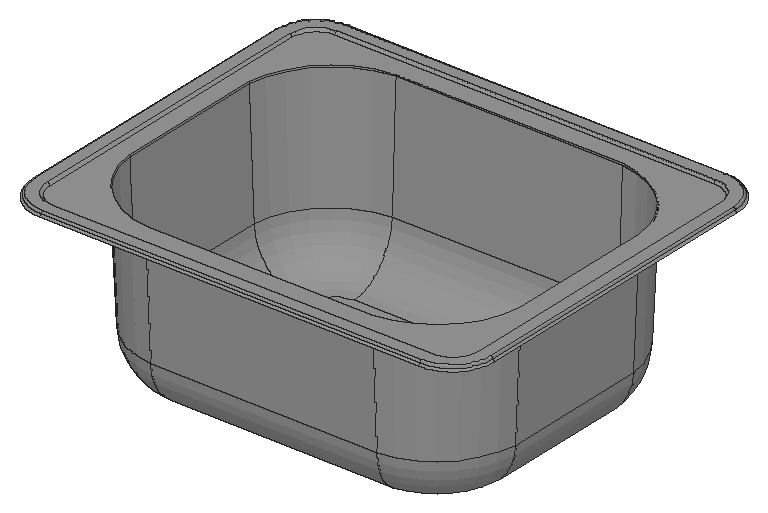
Revit family "Reece_Laundry Trough_Base_Inset Laundry Trough", category Plumbing Fixtures, host Face, Revit 2018
Family settings
  Host = Face
  Round Connector Dimension = Use Diameter
  Part Type = Normal
  Cut with Voids When Loaded = No
  Shared = Yes
  Room Calculation Point = Yes
Parameters (values of type "45 Litres_Stainless Steel")
  WFU = 0  # constant formula
  URL = "https://www.reece.com.au/product/-9504716"
  Type Comments = "Laundry Trough"
  Reece_Sink_Outlet = 40 mm  # constant formula
  Reece_Product_Web Page = "https://www.reece.com.au/product/-9504716"
  Reece_Product_Type = "Laundry Trough"
  Reece_Product_Sub Brand = "-"
  Reece_Product_Number = "9504716"
  Reece_Product_Mount = "Inset"
  Reece_Product_Description = "Base Inset Laundry Trough 1 Taphole & Bypass 45 litres Stainless Steel"
  Reece_Product_Brand = "Base"
  Reece_Overall_Width = 600 mm  # constant formula
  Reece_Overall_Length = 500 mm  # constant formula
  Reece_Overall_Height = 235 mm  # constant formula
  Reece_Overall_Capacity = 45.00 L  # constant formula
  Reece_Material_Secondary = Reece_Metal_Steel
  Reece_Material-Main = Reece_Metal_Steel
  Reece_Detail_Installation = ""
  Reece_Detail_Disclaimer = "THIS FILE IS THE PROPERTY OF THE REECE GROUP. IT MAY NOT BE REPRODUCED, REVERSE-ENGINEERED OR MODIFIED. ANY REPUBLICATION, TRANSMISSION OR DISTRIBUTION FOR THE PURPOSE OF COMMERCIALLY EXPLOITING THE FILES IS PROHIBITED."  # constant formula
  Reece_Detail_Connector = ""
  Reece_Detail_Additional = ""
  Model = "-"
  Manufacturer = "Base"
  Keynote = "Product #9504716, Reece_Laundry Trough_Base_Inset Laundry Trough - 45 Litres_Stainless Steel"
  HWFU = 0  # constant formula
  Disclaimer = "THIS FILE IS THE PROPERTY OF THE REECE GROUP. IT MAY NOT BE REPRODUCED, REVERSE-ENGINEERED OR MODIFIED. ANY REPUBLICATION, TRANSMISSION OR DISTRIBUTION FOR THE PURPOSE OF COMMERCIALLY EXPLOITING THE FILES IS PROHIBITED."  # constant formula
  Description = "Base Inset Laundry Trough 1 Taphole & Bypass 45 litres Stainless Steel"
  Default Elevation = 0 mm
  CWFU = 0  # constant formula
Types (2, lengths in mm): name | Keynote
  (no name) | "Product #9504716, Reece_Laundry Trough_Base_Inset Laundry Trough -  "
  45 Litres_Stainless Steel | "Product #9504716, Reece_Laundry Trough_Base_Inset Laundry Trough - 45 Litres_Stainless Steel"
Reference planes
  plane 1 "Center (Front/Back)": y = -79.125
  plane 2 "Top of surface": z = 0
  plane 3 "Center (Left/Right)": x = 0
  plane 4: y = 170.875
  plane 5: x = 300
  plane 6: x = -300
  plane 7: y = -329.125
  plane 8: z = 5
  plane 9 "Center L/U": z = -230
Forms (mm)
  Sweep 1, solid, material "Reece_Metal_Steel" <- "Reece_Material-Main"
    path origin (0, 0, 0) x (1, 0, 0) y (0, 1, 0)
      loop
        arc (-250, 170.875) -> (-285.355, 156.231) -> (-300, 120.875) r 50
        line (-300, 120.875) -> (-300, -279.125)
        arc (-300, -279.125) -> (-285.355, -314.48) -> (-250, -329.125) r 50
        line (-250, -329.125) -> (250, -329.125)
        arc (250, -329.125) -> (285.355, -314.48) -> (300, -279.125) r 50
        line (300, -279.125) -> (300, 120.875)
        arc (300, 120.875) -> (285.355, 156.231) -> (250, 170.875) r 50
        line (250, 170.875) -> (-250, 170.875)
    profile origin (-300, -79.125, 0) x (1, 0, 0) y (0, 0, 1)
      loop
        line (-5, 0) -> (18.5, 0) -> (28.5, 0) -> (28.5, 2) -> (18.5, 2) -> (15.5, 5) -> (0, 5)
        arc (0, 5) -> (-1.768, 4.268) -> (-2.5, 2.5) r 2.5
        arc (-2.5, 2.5) -> (-3.232, 0.732) -> (-5, 0) r 2.5
  Extrusion 2, void
    sketch origin (0, 0, 0) x (1, 0, 0) y (0, 1, 0)
      loop
        arc (-150.157, 132.151) -> (-226.82, 96.155) -> (-263.379, 19.76) r 126.007
        arc (-263.379, 19.76) -> (-268.507, -79.125) -> (-263.379, -178.01) r 956.007
        arc (-263.379, -178.01) -> (-226.82, -254.404) -> (-150.157, -290.4) r 126.007
        arc (-150.157, -290.4) -> (0, -297.632) -> (150.157, -290.4) r 1562.507
        arc (150.157, -290.4) -> (226.82, -254.404) -> (263.379, -178.01) r 126.007
        arc (263.379, -178.01) -> (268.507, -79.125) -> (263.379, 19.76) r 956.007
        arc (263.379, 19.76) -> (226.82, 96.155) -> (150.157, 132.151) r 126.007
        arc (150.157, 132.151) -> (0, 139.383) -> (-150.157, 132.151) r 1562.507
    from -266.642 to 0
  Revolve 3, solid, material "Reece_Metal_Steel" <- "Reece_Material-Main"
    sketch origin (0, -79.125, -51.084) x (1, 0, 0) y (0, 0, 1)
      loop
        line (18, -215.558) -> (20, -215.558) -> (20, -202.342)
        arc (20, -202.342) -> (33.772, -193.156) -> (45, -180.99) r 69.965
        line (45, -180.99) -> (42.511, -180.99)
        arc (42.511, -180.99) -> (31.445, -192.496) -> (18, -201.102) r 67.965
        line (18, -201.102) -> (18, -215.558)
      axis (0, -180.99) -> (0, -215.558)
    angle from 0 to 360
  Extrusion 4, void
    sketch origin (-50, 0, -13.43) x (1, 0, 0) y (0, 1, 0)
      loop
        arc (18.287, -77.625) -> (16.787, -79.125) -> (18.287, -80.625) r 1.5
        line (18.287, -80.625) -> (28.287, -80.625)
        arc (28.287, -80.625) -> (29.787, -79.125) -> (28.287, -77.625) r 1.5
        line (28.287, -77.625) -> (18.287, -77.625)
      loop
        arc (20.713, -66.869) -> (18.79, -67.765) -> (19.687, -69.688) r 1.5
        line (19.687, -69.688) -> (29.084, -73.108)
        arc (29.084, -73.108) -> (31.006, -72.212) -> (30.11, -70.289) r 1.5
        line (30.11, -70.289) -> (20.713, -66.869)
      loop
        arc (26.671, -57.591) -> (24.558, -57.776) -> (24.743, -59.889) r 1.5
        line (24.743, -59.889) -> (32.403, -66.317)
        arc (32.403, -66.317) -> (34.516, -66.132) -> (34.331, -64.019) r 1.5
        line (34.331, -64.019) -> (26.671, -57.591)
      loop
        arc (35.443, -50.911) -> (34.013, -50.528) -> (33.629, -51.958) r 1.047
        line (33.629, -51.958) -> (38.629, -60.618)
        arc (38.629, -60.618) -> (40.06, -61.001) -> (40.443, -59.571) r 1.047
        line (40.443, -59.571) -> (35.443, -50.911)
      loop
        arc (45.97, -47.633) -> (44.233, -46.417) -> (43.016, -48.154) r 1.5
        line (43.016, -48.154) -> (44.752, -58.002)
        arc (44.752, -58.002) -> (46.49, -59.219) -> (47.707, -57.481) r 1.5
        line (47.707, -57.481) -> (45.97, -47.633)
      loop
        line (81.713, -77.625) -> (71.713, -77.625)
        arc (71.713, -77.625) -> (70.213, -79.125) -> (71.713, -80.625) r 1.5
        line (71.713, -80.625) -> (81.713, -80.625)
        arc (81.713, -80.625) -> (83.213, -79.125) -> (81.713, -77.625) r 1.5
      loop
        line (79.287, -66.869) -> (69.89, -70.289)
        arc (69.89, -70.289) -> (68.994, -72.212) -> (70.916, -73.108) r 1.5
        line (70.916, -73.108) -> (80.313, -69.688)
        arc (80.313, -69.688) -> (81.21, -67.765) -> (79.287, -66.869) r 1.5
      loop
        line (73.329, -57.591) -> (65.669, -64.019)
        arc (65.669, -64.019) -> (65.484, -66.132) -> (67.597, -66.317) r 1.5
        line (67.597, -66.317) -> (75.257, -59.889)
        arc (75.257, -59.889) -> (75.442, -57.776) -> (73.329, -57.591) r 1.5
      loop
        line (64.557, -50.911) -> (59.557, -59.571)
        arc (59.557, -59.571) -> (60.106, -61.62) -> (62.155, -61.071) r 1.5
        line (62.155, -61.071) -> (67.155, -52.411)
        arc (67.155, -52.411) -> (66.606, -50.362) -> (64.557, -50.911) r 1.5
      loop
        line (54.03, -47.633) -> (52.293, -57.481)
        arc (52.293, -57.481) -> (53.51, -59.219) -> (55.248, -58.002) r 1.5
        line (55.248, -58.002) -> (56.984, -48.154)
        arc (56.984, -48.154) -> (55.767, -46.417) -> (54.03, -47.633) r 1.5
      loop
        line (20.713, -91.381) -> (30.11, -87.96)
        arc (30.11, -87.96) -> (31.006, -86.038) -> (29.084, -85.141) r 1.5
        line (29.084, -85.141) -> (19.687, -88.561)
        arc (19.687, -88.561) -> (18.79, -90.484) -> (20.713, -91.381) r 1.5
      loop
        line (26.671, -100.658) -> (34.331, -94.23)
        arc (34.331, -94.23) -> (34.516, -92.117) -> (32.403, -91.932) r 1.5
        line (32.403, -91.932) -> (24.743, -98.36)
        arc (24.743, -98.36) -> (24.558, -100.473) -> (26.671, -100.658) r 1.5
      loop
        line (35.443, -107.339) -> (40.443, -98.678)
        arc (40.443, -98.678) -> (39.894, -96.629) -> (37.845, -97.178) r 1.5
        line (37.845, -97.178) -> (32.845, -105.839)
        arc (32.845, -105.839) -> (33.394, -107.888) -> (35.443, -107.339) r 1.5
      loop
        line (45.97, -110.616) -> (47.707, -100.768)
        arc (47.707, -100.768) -> (46.49, -99.03) -> (44.752, -100.247) r 1.5
        line (44.752, -100.247) -> (43.016, -110.095)
        arc (43.016, -110.095) -> (44.233, -111.833) -> (45.97, -110.616) r 1.5
      loop
        arc (79.287, -91.381) -> (81.21, -90.484) -> (80.313, -88.561) r 1.5
        line (80.313, -88.561) -> (70.916, -85.141)
        arc (70.916, -85.141) -> (68.994, -86.038) -> (69.89, -87.96) r 1.5
        line (69.89, -87.96) -> (79.287, -91.381)
      loop
        arc (73.329, -100.658) -> (75.442, -100.473) -> (75.257, -98.36) r 1.5
        line (75.257, -98.36) -> (67.597, -91.932)
        arc (67.597, -91.932) -> (65.484, -92.117) -> (65.669, -94.23) r 1.5
        line (65.669, -94.23) -> (73.329, -100.658)
      loop
        arc (64.557, -107.339) -> (66.606, -107.888) -> (67.155, -105.839) r 1.5
        line (67.155, -105.839) -> (62.155, -97.178)
        arc (62.155, -97.178) -> (60.106, -96.629) -> (59.557, -98.678) r 1.5
        line (59.557, -98.678) -> (64.557, -107.339)
      loop
        arc (54.03, -110.616) -> (55.767, -111.833) -> (56.984, -110.095) r 1.5
        line (56.984, -110.095) -> (55.248, -100.247)
        arc (55.248, -100.247) -> (53.51, -99.03) -> (52.293, -100.768) r 1.5
        line (52.293, -100.768) -> (54.03, -110.616)
    from -242.072 to -216.57
  Revolve 5, solid, material "Reece_Metal_Steel" <- "Reece_Material_Secondary"
    sketch origin (0, -79.125, -55.413) x (1, 0, 0) y (0, 0, 1)
      loop
        line (0, -191.338) -> (16.998, -191.338)
        arc (16.998, -191.338) -> (28.197, -187.597) -> (34.898, -177.876) r 18.633
        line (34.898, -177.876) -> (36.003, -177.876) -> (36.003, -176.662) -> (47.722, -176.662) -> (50.998, -176.662) -> (50.998, -175.662) -> (35.604, -175.662)
        arc (35.604, -175.662) -> (35.179, -175.838) -> (35.003, -176.263) r 0.601
        line (35.003, -176.263) -> (35.003, -177.22)
        arc (35.003, -177.22) -> (34.5, -176.717) -> (33.998, -177.22) r 0.503
        arc (33.998, -177.22) -> (27.683, -186.565) -> (16.998, -190.172) r 17.633
        line (16.998, -190.172) -> (3.95, -190.172)
        arc (3.95, -190.172) -> (2.139, -183.549) -> (1.843, -176.689) r 30.745
        line (1.843, -176.689) -> (3.708, -176.689)
        arc (3.708, -176.689) -> (4.213, -176.254) -> (3.848, -175.696) r 0.506
        arc (3.848, -175.696) -> (1.942, -175.304) -> (0, -175.173) r 14.401
        line (0, -175.173) -> (0, -191.338)
      axis (0, -175.173) -> (0, -191.338)
    angle from 0 to 360
  Sweep 6, solid, material "Reece_Metal_Steel" <- "Reece_Material-Main"
    path origin (1448.036, 3.372, 0) x (1, 0, 0) y (0, 1, 0)
      loop
        arc (-1705.44, -180.76) -> (-1670.623, -253.513) -> (-1597.616, -287.793) r 120
        arc (-1597.616, -287.793) -> (-1448.036, -294.997) -> (-1298.456, -287.793) r 1556.5
        arc (-1298.456, -287.793) -> (-1225.448, -253.513) -> (-1190.631, -180.76) r 120
        arc (-1190.631, -180.76) -> (-1185.536, -82.497) -> (-1190.631, 15.767) r 950
        arc (-1190.631, 15.767) -> (-1225.448, 88.52) -> (-1298.456, 122.799) r 120
        arc (-1298.456, 122.799) -> (-1448.036, 130.003) -> (-1597.616, 122.799) r 1556.5
        arc (-1597.616, 122.799) -> (-1670.623, 88.52) -> (-1705.44, 15.767) r 120
        arc (-1705.44, 15.767) -> (-1710.536, -82.497) -> (-1705.44, -180.76) r 950
    profile origin (-262.5, -79.125, 0) x (-1, 0, 0) y (0, 0, 1)
      loop
        line (-76.485, -229) -> (-76.485, -230)
        arc (-76.485, -230) -> (-27.727, -210.421) -> (-6.051, -162.558) r 70.5
        line (-6.051, -162.558) -> (1.007, 0) -> (0.006, 0) -> (-7.05, -162.515)
        arc (-7.05, -162.515) -> (-28.419, -209.699) -> (-76.485, -229) r 69.5
  Extrusion 7, solid, material "Reece_Metal_Steel" <- "Reece_Material-Main"
    sketch origin (1413.789, 0, 0) x (1, 0, 0) y (0, 1, 0)
      loop
        arc (-1556.018, 50.041) -> (-1582.493, 37.61) -> (-1595.118, 11.228) r 43.515
        arc (-1595.118, 11.228) -> (-1599.804, -79.125) -> (-1595.118, -169.477) r 873.515
        arc (-1595.118, -169.477) -> (-1582.493, -195.859) -> (-1556.018, -208.29) r 43.515
        arc (-1556.018, -208.29) -> (-1413.789, -215.14) -> (-1271.559, -208.29) r 1480.015
        arc (-1271.559, -208.29) -> (-1245.084, -195.859) -> (-1232.459, -169.477) r 43.515
        arc (-1232.459, -169.477) -> (-1227.773, -79.125) -> (-1232.459, 11.228) r 873.515
        arc (-1232.459, 11.228) -> (-1245.084, 37.61) -> (-1271.559, 50.041) r 43.515
        arc (-1271.559, 50.041) -> (-1413.789, 56.891) -> (-1556.018, 50.041) r 1480.015
      loop
        circle (-1413.789, -79.125) r 60
    from -230 to -229
  Sweep 8, solid, material "Reece_Metal_Steel" <- "Reece_Material-Main"
    path in 3D
      loop
        arc (-60, -79.125, -229) -> (0, -139.125, -229) -> (60, -79.125, -229) r 60
        arc (60, -79.125, -229) -> (0, -19.125, -229) -> (-60, -79.125, -229) r 60
    profile origin (-60, -79.125, -229) x (1, 0, 0) y (0, 0, 1)
      loop
        line (0, 0) -> (0, -1) -> (15, -6.16) -> (15, -5.16) -> (0, 0)
  Extrusion 9, solid, material "Reece_Metal_Steel" <- "Reece_Material-Main"
    sketch origin (708.036, 3.378, 0) x (1, 0, 0) y (0, 1, 0)
      loop
        arc (-979.536, -282.503) -> (-973.239, -297.706) -> (-958.036, -304.003) r 21.5
        line (-958.036, -304.003) -> (-458.036, -304.003)
        arc (-458.036, -304.003) -> (-442.833, -297.706) -> (-436.536, -282.503) r 21.5
        line (-436.536, -282.503) -> (-436.536, 117.497)
        arc (-436.536, 117.497) -> (-442.833, 132.7) -> (-458.036, 138.997) r 21.5
        line (-458.036, 138.997) -> (-958.036, 138.997)
        arc (-958.036, 138.997) -> (-973.239, 132.7) -> (-979.536, 117.497) r 21.5
        line (-979.536, 117.497) -> (-979.536, -282.503)
      loop
        arc (-965.44, 15.761) -> (-970.536, -82.503) -> (-965.44, -180.767) r 950
        arc (-965.44, -180.767) -> (-930.623, -253.519) -> (-857.616, -287.799) r 120
        arc (-857.616, -287.799) -> (-708.036, -295.003) -> (-558.456, -287.799) r 1556.5
        arc (-558.456, -287.799) -> (-485.448, -253.519) -> (-450.631, -180.767) r 120
        arc (-450.631, -180.767) -> (-445.536, -82.503) -> (-450.631, 15.761) r 950
        arc (-450.631, 15.761) -> (-485.448, 88.513) -> (-558.456, 122.793) r 120
        arc (-558.456, 122.793) -> (-708.036, 129.997) -> (-857.616, 122.793) r 1556.5
        arc (-857.616, 122.793) -> (-930.623, 88.513) -> (-965.44, 15.761) r 120
    from 0 to 2
Cuts and joins
  Extrusion 4 cuts Revolve 5
  Extrusion 2 cuts Sweep 1
  joined: Sweep 1, Sweep 6, Extrusion 7, Sweep 8, Extrusion 9
Lines and regions (mm)
  model lines
    curve 1: arc (-270, 119.875, 2) -> (-249, 140.875, 2) -> (-228, 119.875, 2) r 21
    curve 2: arc (-228, 119.875, 2) -> (-249, 98.875, 2) -> (-270, 119.875, 2) r 21
    curve 3: arc (270, 119.875, 2) -> (249, 140.875, 2) -> (228, 119.875, 2) r 21
    curve 4: arc (228, 119.875, 2) -> (249, 98.875, 2) -> (270, 119.875, 2) r 21
  sketch lines
    curve 5: arc (60, -79.125, -229) -> (0, -19.125, -229) -> (-60, -79.125, -229) r 60
    curve 6: arc (-60, -79.125, -229) -> (0, -139.125, -229) -> (60, -79.125, -229) r 60
Text (mm)
  text "Reece Copyright © 2018, Reece Ltd." at (-902.343, -740.328, 0), in view "Ref. Level"
  text "Reece ©" at (55.762, 247.572, 169.589), in view "Reece Preview"
Dimensions and locks
  equal spacing: plane 6, plane 3 "Center (Left/Right)", plane 5
  "Reece_Overall_Width": plane 6 to plane 5
  "Reece_Overall_Length": plane 4 to plane 7
  equal spacing: plane 4, plane 1 "Center (Front/Back)", plane 7
  "Reece_Overall_Height": plane 8 to plane 9 "Center L/U"
  aligned and locked: plane 2 "Top of surface" to host face
  aligned and locked: level to host face
  aligned and locked: plane 6 to Sweep 1 sketch curve
  aligned and locked: Sweep 1 sketch curve to plane 4
  aligned and locked: Sweep 1 sketch curve to plane 5
  aligned and locked: Sweep 1 sketch curve to plane 7
  aligned and locked: Extrusion 2 to Revolve 3
  aligned and locked: Extrusion 7 to plane 9 "Center L/U"
Automatic sketch dimensions
  host sketch curve to host sketch curve = 801.051 mm
  host sketch curve to host sketch curve = 660.299 mm
  Sweep 1 sketch curve to plane 6 = 50 mm  (x2)
  Sweep 1 sketch curve to plane 4 = 50 mm
  Sweep 1 sketch curve to plane 5 = 50 mm
  Sweep 1 sketch curve to level = 0 mm
  profile plane to Sweep 1 sketch curve = 0 mm
  Sweep 1 sketch curve to Sweep 1 sketch curve = 15.5 mm
  level to Sweep 1 sketch curve = 2 mm
  Sweep 1 sketch curve to Sweep 1 sketch curve = 3 mm
  Sweep 1 sketch curve to Sweep 1 sketch curve = 0 mm  (x2)
  Sweep 1 sketch curve to Sweep 1 sketch curve = 10 mm
  profile plane to Sweep 1 sketch curve = 5 mm
  Sweep 1 sketch curve to Sweep 1 sketch curve = 2.5 mm
  Extrusion 4 sketch curve to plane 1 "Center (Front/Back)" = 1.5 mm
  Extrusion 4 sketch curve to plane 5 = 331.713 mm
  Extrusion 4 sketch curve to plane 1 "Center (Front/Back)" = 9.437 mm  (x2)
  Extrusion 4 sketch curve to Extrusion 4 sketch curve = 1.399 mm  (x3)
  plane 1 "Center (Front/Back)" to Extrusion 4 sketch curve = 9.437 mm  (x2)
  Extrusion 4 sketch curve to Extrusion 4 sketch curve = 0.513 mm  (x16)
  plane 1 "Center (Front/Back)" to Extrusion 4 sketch curve = 12.256 mm  (x2)
  Extrusion 4 sketch curve to plane 1 "Center (Front/Back)" = 12.256 mm  (x2)
  plane 1 "Center (Front/Back)" to Extrusion 4 sketch curve = 19.235 mm  (x2)
  Extrusion 4 sketch curve to Extrusion 4 sketch curve = 4.03 mm  (x4)
  Extrusion 4 sketch curve to plane 1 "Center (Front/Back)" = 19.235 mm  (x2)
  Extrusion 4 sketch curve to Extrusion 4 sketch curve = 0.964 mm  (x16)
  Extrusion 4 sketch curve to plane 1 "Center (Front/Back)" = 21.534 mm  (x2)
  plane 1 "Center (Front/Back)" to Extrusion 4 sketch curve = 21.534 mm  (x2)
  Extrusion 4 sketch curve to Extrusion 4 sketch curve = 10 mm
  Extrusion 4 sketch curve to plane 1 "Center (Front/Back)" = 6.017 mm  (x2)
  Extrusion 4 sketch curve to Extrusion 4 sketch curve = 0.796 mm  (x3)
  plane 1 "Center (Front/Back)" to Extrusion 4 sketch curve = 6.017 mm  (x2)
  Extrusion 4 sketch curve to plane 1 "Center (Front/Back)" = 8.836 mm  (x2)
  plane 1 "Center (Front/Back)" to Extrusion 4 sketch curve = 8.836 mm  (x2)
  plane 1 "Center (Front/Back)" to Extrusion 4 sketch curve = 12.808 mm  (x2)
  Extrusion 4 sketch curve to Extrusion 4 sketch curve = 2.293 mm  (x4)
  Extrusion 4 sketch curve to plane 1 "Center (Front/Back)" = 12.808 mm  (x2)
  plane 1 "Center (Front/Back)" to Extrusion 4 sketch curve = 26.714 mm  (x2)
  Extrusion 4 sketch curve to Extrusion 4 sketch curve = 6.174 mm  (x3)
  Extrusion 4 sketch curve to plane 1 "Center (Front/Back)" = 27.167 mm
  Extrusion 4 sketch curve to Extrusion 4 sketch curve = 6.958 mm
  Extrusion 4 sketch curve to Extrusion 4 sketch curve = 1.299 mm  (x12)
  Extrusion 4 sketch curve to Extrusion 4 sketch curve = 0.907 mm  (x4)
  plane 1 "Center (Front/Back)" to Extrusion 4 sketch curve = 15.106 mm  (x2)
  Extrusion 4 sketch curve to plane 1 "Center (Front/Back)" = 15.106 mm  (x2)
  Extrusion 4 sketch curve to plane 1 "Center (Front/Back)" = 28.214 mm  (x2)
  plane 1 "Center (Front/Back)" to Extrusion 4 sketch curve = 28.214 mm  (x2)
  plane 1 "Center (Front/Back)" to Extrusion 4 sketch curve = 18.054 mm  (x2)
  Extrusion 4 sketch curve to Extrusion 4 sketch curve = 3.513 mm  (x3)
  Extrusion 4 sketch curve to plane 1 "Center (Front/Back)" = 18.507 mm
  Extrusion 4 sketch curve to Extrusion 4 sketch curve = 4.298 mm
  Extrusion 4 sketch curve to plane 1 "Center (Front/Back)" = 19.554 mm  (x2)
  plane 1 "Center (Front/Back)" to Extrusion 4 sketch curve = 19.554 mm  (x2)
  Extrusion 4 sketch curve to plane 1 "Center (Front/Back)" = 30.97 mm  (x2)
  Extrusion 4 sketch curve to Extrusion 4 sketch curve = 7.573 mm  (x4)
  plane 1 "Center (Front/Back)" to Extrusion 4 sketch curve = 30.97 mm  (x2)
  Extrusion 4 sketch curve to Extrusion 4 sketch curve = 1.477 mm  (x16)
  plane 1 "Center (Front/Back)" to Extrusion 4 sketch curve = 21.122 mm  (x2)
  Extrusion 4 sketch curve to Extrusion 4 sketch curve = 4.31 mm  (x4)
  Extrusion 4 sketch curve to plane 1 "Center (Front/Back)" = 21.122 mm  (x2)
  plane 1 "Center (Front/Back)" to Extrusion 4 sketch curve = 31.491 mm  (x2)
  Extrusion 4 sketch curve to plane 1 "Center (Front/Back)" = 31.491 mm  (x2)
  Extrusion 4 sketch curve to plane 1 "Center (Front/Back)" = 21.643 mm  (x2)
  plane 1 "Center (Front/Back)" to Extrusion 4 sketch curve = 21.643 mm  (x2)
  Extrusion 4 sketch curve to Extrusion 4 sketch curve = 4.586 mm  (x2)
  Extrusion 4 sketch curve to Extrusion 4 sketch curve = 8.059 mm  (x2)
  Extrusion 4 sketch curve to plane 1 "Center (Front/Back)" = 18.054 mm
  Extrusion 4 sketch curve to plane 1 "Center (Front/Back)" = 26.714 mm
  Extrusion 4 sketch curve to Extrusion 4 sketch curve = 7.937 mm
  Extrusion 4 sketch curve to Extrusion 4 sketch curve = 3 mm
  Extrusion 4 sketch curve to Extrusion 4 sketch curve = 1.5 mm
  Revolve 3 sketch curve to Revolve 3 sketch curve = 0 mm  (x2)
  Revolve 3 sketch curve to plane 3 "Center (Left/Right)" = 11.666 mm
  plane 3 "Center (Left/Right)" to Revolve 3 sketch curve = 18 mm
  Revolve 3 sketch curve to Revolve 3 sketch curve = 2 mm
  Revolve 3 sketch curve to plane 9 "Center L/U" = 2.074 mm
  Revolve 3 sketch curve to Revolve 3 sketch curve = 22.511 mm
  Revolve 3 sketch curve to Revolve 3 sketch curve = 2.489 mm
  Revolve 3 sketch curve to plane 9 "Center L/U" = 22.186 mm
  Revolve 3 sketch curve to Revolve 3 sketch curve = 13.216 mm
  Revolve 3 sketch curve to plane 3 "Center (Left/Right)" = 0 mm
  Revolve 3 sketch curve to plane 9 "Center L/U" = 5.084 mm
  plane 9 "Center L/U" to Revolve 3 sketch curve = 5.907 mm
  Revolve 5 sketch curve to plane 3 "Center (Left/Right)" = 0 mm  (x2)
  plane 3 "Center (Left/Right)" to Revolve 5 sketch curve = 1.843 mm
  Revolve 5 sketch curve to Revolve 5 sketch curve = 1.865 mm
  Revolve 5 sketch curve to Revolve 5 sketch curve = 0.005 mm
  plane 3 "Center (Left/Right)" to Revolve 5 sketch curve = 3.95 mm
  plane 9 "Center L/U" to Revolve 5 sketch curve = 2.048 mm
  Revolve 5 sketch curve to Revolve 5 sketch curve = 13.285 mm
  Revolve 5 sketch curve to Revolve 5 sketch curve = 0 mm
  Revolve 5 sketch curve to plane 9 "Center L/U" = 4.214 mm
  Revolve 5 sketch curve to Revolve 5 sketch curve = 15.518 mm
  Revolve 5 sketch curve to Revolve 5 sketch curve = 1.985 mm
  Revolve 5 sketch curve to Revolve 5 sketch curve = 0.398 mm
  Revolve 5 sketch curve to Revolve 5 sketch curve = 0.503 mm
  Revolve 5 sketch curve to Revolve 5 sketch curve = 0.601 mm
  Revolve 5 sketch curve to Revolve 5 sketch curve = 1.104 mm
  Revolve 5 sketch curve to plane 9 "Center L/U" = 2.074 mm
  Revolve 5 sketch curve to Revolve 5 sketch curve = 11.719 mm
  Revolve 5 sketch curve to plane 9 "Center L/U" = 1.074 mm
  Revolve 5 sketch curve to Revolve 5 sketch curve = 3.275 mm
  Revolve 5 sketch curve to plane 9 "Center L/U" = 14.987 mm
  Revolve 5 sketch curve to Revolve 5 sketch curve = 0.598 mm
  Revolve 5 sketch curve to Revolve 5 sketch curve = 1.764 mm
  Revolve 5 sketch curve to Revolve 5 sketch curve = 0.656 mm
  Revolve 5 sketch curve to Revolve 5 sketch curve = 0.506 mm
  Revolve 5 sketch curve to plane 9 "Center L/U" = 0.586 mm
  Revolve 5 sketch curve to Revolve 5 sketch curve = 5.574 mm
  plane 9 "Center L/U" to Revolve 5 sketch curve = 1.578 mm
  curve 1 to curve 2 = 0 mm  (x2)
  curve 3 to curve 4 = 0 mm  (x2)
  curve 2 to Sweep 1 = 22.5 mm
  curve 3 to Sweep 1 = 22.5 mm  (x2)
  curve 1 to Sweep 1 = 22.5 mm
  curve 2 to Sweep 1 = 1.5 mm
  curve 4 to curve 3 = 21 mm
  profile plane to Sweep 8 sketch curve = 0 mm
  Sweep 8 sketch curve to profile plane = 0 mm
  Sweep 8 sketch curve to profile plane = 5.16 mm
  Sweep 8 sketch curve to profile plane = 15 mm
  Sweep 8 sketch curve to Sweep 8 sketch curve = 1 mm
  Sweep 8 sketch curve to profile plane = 1 mm
  Sweep 6 sketch curve to Sweep 6 sketch curve = 0 mm  (x6)
  Sweep 6 sketch curve to profile plane = 0 mm
  profile plane to Sweep 6 sketch curve = 76.485 mm
  profile plane to Sweep 6 sketch curve = 7.05 mm
  Sweep 6 sketch curve to Sweep 6 sketch curve = 0.999 mm
  Sweep 6 sketch curve to profile plane = 0.006 mm
  Sweep 6 sketch curve to Sweep 6 sketch curve = 1.001 mm
  Sweep 6 sketch curve to profile plane = 159.5 mm
  Sweep 6 sketch curve to Sweep 6 sketch curve = 3.015 mm
  Sweep 6 sketch curve to Sweep 6 sketch curve = 1 mm
  plane 1 "Center (Front/Back)" to Extrusion 9 sketch curve = 0 mm  (x2)
  Extrusion 9 sketch curve to plane 3 "Center (Left/Right)" = 0 mm  (x2)
  Extrusion 9 sketch curve to plane 3 "Center (Left/Right)" = 138.048 mm  (x2)
  Extrusion 9 sketch curve to plane 7 = 28.5 mm
  Extrusion 9 sketch curve to plane 6 = 50 mm  (x2)
  Extrusion 9 sketch curve to Extrusion 9 sketch curve = 21.5 mm  (x2)
  plane 6 to Extrusion 9 sketch curve = 387.5 mm
  plane 3 "Center (Left/Right)" to Extrusion 9 sketch curve = 138.048 mm  (x2)
  Extrusion 9 sketch curve to plane 5 = 50 mm  (x2)
  plane 5 to Extrusion 9 sketch curve = 387.5 mm
  plane 7 to Extrusion 9 sketch curve = 1094 mm
  plane 1 "Center (Front/Back)" to Extrusion 9 sketch curve = 85.851 mm  (x2)
  Extrusion 9 sketch curve to plane 1 "Center (Front/Back)" = 85.851 mm  (x2)
  Extrusion 9 sketch curve to plane 4 = 50 mm
  plane 4 to Extrusion 9 sketch curve = 1094 mm
  Extrusion 9 sketch curve to plane 4 = 44.704 mm
  Extrusion 9 sketch curve to plane 7 = 44.704 mm
  Extrusion 9 sketch curve to Extrusion 9 sketch curve = 0 mm  (x6)
  plane 1 "Center (Front/Back)" to Sweep 6 sketch curve = 0 mm  (x2)
  Sweep 6 sketch curve to plane 6 = 42.596 mm  (x2)
  plane 1 "Center (Front/Back)" to Sweep 6 sketch curve = 85.851 mm  (x2)
  Sweep 6 sketch curve to plane 7 = 44.704 mm  (x2)
  Sweep 6 sketch curve to plane 3 "Center (Left/Right)" = 0 mm  (x2)
  Sweep 6 sketch curve to plane 5 = 42.596 mm  (x2)
  Sweep 6 sketch curve to Sweep 6 sketch curve = 430.096 mm
  Sweep 6 sketch curve to plane 1 "Center (Front/Back)" = 85.851 mm
  Sweep 6 sketch curve to plane 4 = 44.704 mm  (x2)
  Sweep 6 sketch curve to Sweep 6 sketch curve = 11.532 mm
  Sweep 6 sketch curve to Sweep 6 sketch curve = 119.356 mm
  Sweep 6 sketch curve to plane 3 "Center (Left/Right)" = 149.58 mm
  Extrusion 7 sketch curve to plane 3 "Center (Left/Right)" = 0 mm  (x3)
  Extrusion 7 sketch curve to plane 1 "Center (Front/Back)" = 85.851 mm
  Extrusion 7 sketch curve to plane 3 "Center (Left/Right)" = 142.23 mm  (x2)
  Extrusion 7 sketch curve to Extrusion 7 sketch curve = 4.182 mm  (x4)
  Extrusion 7 sketch curve to Extrusion 7 sketch curve = 0 mm  (x7)
  Extrusion 7 sketch curve to Extrusion 7 sketch curve = 43.282 mm  (x4)
  plane 1 "Center (Front/Back)" to Extrusion 7 sketch curve = 0 mm  (x3)
  Extrusion 7 sketch curve to plane 5 = 118.67 mm
  Extrusion 7 sketch curve to plane 3 "Center (Left/Right)" = 60 mm
  plane 6 to Extrusion 7 sketch curve = 387.5 mm
  plane 1 "Center (Front/Back)" to Extrusion 2 sketch curve = 0 mm  (x2)
  Extrusion 2 sketch curve to plane 3 "Center (Left/Right)" = 0 mm  (x2)
  Extrusion 2 sketch curve to plane 3 "Center (Left/Right)" = 138.048 mm  (x2)
  plane 6 to Extrusion 2 sketch curve = 387.5 mm
  plane 3 "Center (Left/Right)" to Extrusion 2 sketch curve = 138.048 mm  (x2)
  plane 5 to Extrusion 2 sketch curve = 387.5 mm
  plane 1 "Center (Front/Back)" to Extrusion 2 sketch curve = 85.851 mm  (x2)
  plane 7 to Extrusion 2 sketch curve = 1094 mm
  Extrusion 2 sketch curve to plane 1 "Center (Front/Back)" = 85.851 mm  (x2)
  plane 4 to Extrusion 2 sketch curve = 1094 mm
  Extrusion 2 sketch curve to plane 7 = 38.725 mm
  Extrusion 2 sketch curve to plane 4 = 38.725 mm
  Extrusion 2 sketch curve to Extrusion 2 sketch curve = 0 mm  (x6)
Connectors
  piping at (0, -79.125, -266.642), diameter 40, driven by "Reece_Sink_Outlet"
    settings: on Revolve 3, index 1, connector inside diameter 609.6 mm, connector length 0 mm, flow factor 0, pipe flow 0.0 L/s, pressure drop 0.0 Pa, fitting loss kfactor 0, connector angle 0.00°, fixture units 0, engagement length 0 mm, angle of deflection 0.00°, flow configuration 0, flow direction 0, fitting loss method 0, system type 16, joint type 0, gender type 0, connector reference index -1, connector utility 0, adjustable connector no, is connector primary yes, connector description ""
